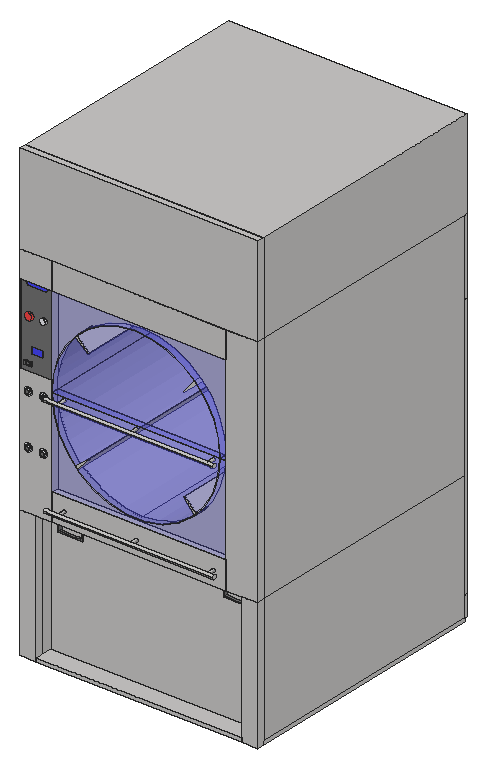
Revit family "QF_ELECTROLUXPROFESSIONAL_1LSPHS_TD6-60SLD_S", category Attrezzature speciali, Revit 2021
Family settings
  Quota connettore circolare = Usa diametro
  Tipo di parte = Normale
  Basato su piano di lavoro = No
  Sempre verticale = Sì
  Taglio con vuoti quando caricato = No
  Condiviso = No
  Punto di calcolo locali = No
Parameters (values of type "1LT60A")
  Weight in Pounds = 524
  Watts = 2.2 W
  Volts = 380 V
  URL = "https://www.electroluxprofessional.com"
  Steam Supply Size = 25 mm
  Steam Supply Minimum Pressure = 100.0 Pa
  Steam Supply Maximum Pressure = 1000.0 Pa
  Steam Pounds per Hour = 0
  Prospetto di default = 0 mm
  Produttore = "Electrolux Professional"
  Phase = 3
  Model = ""
  Length Actual = 1314 mm
  Item Number = "9875130009"
  Hot Water Size = 0 mm
  Height Actual = 2465 mm
  Gas Size = 0 mm
  Gas KW = 0
  Direct Waste Size = 0 mm
  Description = "TUMBLE DRYER DRUM VOLUME 1200L CAPACITY 60KG/132LB SLIDING DOOR "
  Depth Actual = 1490 mm
  Cycle = 50 Hz
  Condensate Return Size = 25 mm
  Compressed Air Volume = 0.0 L/s
  Compressed Air Size = 0 mm
  Compressed Air Pressure = 0.0 Pa
  Cold Water Size = 0 mm
  ALL_MODEL_IMAGE = 0
Types (3, lengths in mm): name | Item Number
  (no name) | "9875130009"
  1L82BL | "9875130016"
  1LT60A | "9875130009"
Reference planes
  plane 1 "Center (Front/Back)": y = 0
  plane 2: z = 0
  plane 3 "Center (Left/Right)": x = 0
  plane 4 "LEFT": x = -645
  plane 5 "RIGHT": x = 675
  plane 6 "BACK": y = 607.5
  plane 7 "FRONT": y = -887.5
  plane 8 "voidPanel": through (0, -279.09, 846.678) normal (0, -0.9308, 0.3656)
  plane 9 "TOP": z = 2550
  plane 10: z = 2050
  plane 11: z = 930
  plane 12 "GasZ": z = 2130
  plane 13 "EI_Z": z = 1670
  plane 14 "SteamReturn_Z": z = 2130
  plane 15 "SteamInletZ": z = 2425
  plane 16: z = 750
  plane 17 "Maniglia": z = 825
  plane 18: x = 510
  plane 19 "STEAM_x": x = 145
  plane 20 "GAS_x": x = 15
  plane 21 "Button1": x = -600
  plane 22 "Button2": x = -515
  plane 23 "AIR_z": z = 330
  plane 24: z = 2680
  plane 25: y = -1142.5
Forms (mm)
  Revolve 1, solid, material "Glass"
    sketch origin (0, -25, 1395) x (-1, 0, 0) y (0, -1, 0)
      loop
        line (271.034, -452.879) -> (240.785, -467.184)
        arc (240.785, -467.184) -> (232.42, -469.524) -> (223.77, -470.313) r 47.824
        line (223.77, -470.313) -> (0, -470.313) -> (0, -472.313) -> (223.77, -472.313)
        arc (223.77, -472.313) -> (232.82, -471.484) -> (241.57, -469.025) r 49.824
        line (241.57, -469.025) -> (271.889, -454.687)
        arc (271.889, -454.687) -> (278.705, -450.474) -> (284.416, -444.854) r 35.892
        line (284.416, -444.854) -> (447.003, -444.854)
        arc (447.003, -444.854) -> (463.264, -438.119) -> (470, -421.858) r 22.997
        line (470, -421.858) -> (470, 862.5) -> (465, 862.5) -> (465, -421.858)
        arc (465, -421.858) -> (459.729, -434.583) -> (447.003, -439.854) r 17.997
        line (447.003, -439.854) -> (285.5, -439.854)
        arc (285.5, -439.854) -> (279.222, -447.428) -> (271.034, -452.879) r 33.892
      axis (0, -472.313) -> (0, 862.5)
    angle from 0 to 360
  Extrusion 2, solid, material "QF_Finishes_Rubber Black"
    sketch origin (25, 0, 0) x (1, 0, 0) y (0, 1, 0)
      loop
        circle (-610, 510.1) r 20
    from 0 to 10
  Extrusion 3, solid, material "QF_Finishes_Stainless Steel"
    sketch origin (25, 0, 0) x (1, 0, 0) y (0, 1, 0)
      loop
        circle (-610, 510.1) r 11
    from 10 to 25
  Extrusion 4, solid, material "QF_Finishes_Rubber Black"
    sketch origin (25, 0, 0) x (1, 0, 0) y (0, 1, 0)
      loop
        circle (-610, -786.3) r 20
    from 0 to 10
  Extrusion 5, solid, material "QF_Finishes_Stainless Steel"
    sketch origin (25, 0, 0) x (1, 0, 0) y (0, 1, 0)
      loop
        circle (-610, -786.3) r 11
    from 10 to 25
  Extrusion 6, solid, material "QF_Finishes_Rubber Black"
    sketch origin (-25, 0, 0) x (-1, 0, 0) y (0, -1, 0)
      loop
        circle (-640, -510.1) r 20
    from 0 to 10
  Extrusion 7, solid, material "QF_Finishes_Stainless Steel"
    sketch origin (-25, 0, 0) x (-1, 0, 0) y (0, -1, 0)
      loop
        circle (-640, -510.1) r 11
    from 10 to 25
  Extrusion 8, solid, material "QF_Finishes_Rubber Black"
    sketch origin (-25, 0, 0) x (-1, 0, 0) y (0, -1, 0)
      loop
        circle (-640, 786.3) r 20
    from 0 to 10
  Extrusion 9, solid, material "QF_Finishes_Stainless Steel"
    sketch origin (-25, 0, 0) x (-1, 0, 0) y (0, -1, 0)
      loop
        circle (-640, 786.3) r 11
    from 10 to 25
  Extrusion 10, solid, material "QF_Finishes_Stainless Steel"
    sketch origin (0, 607.5, 0) x (0, 0, 1) y (-1, 0, 0)
      loop
        circle (1670, -510) r 5
    from 35 to 45
  Extrusion 11, solid, material "QF_Finishes_Dark Grey"
    sketch origin (0, -887.5, 0) x (0, 0, 1) y (-1, 0, 0)
      loop
        line (1900, 472) -> (1900, 486.361) -> (1885, 501.361) -> (1885, 601.361) -> (1900, 616.361) -> (1900, 643) -> (1455, 643) -> (1455, 472) -> (1900, 472)
      loop
        line (1547.246, 521.361) -> (1582.246, 521.361) -> (1582.246, 581.361) -> (1547.246, 581.361) -> (1547.246, 521.361)
    from 0 to -40
  Extrusion 12, solid, material "QF_Finishes_Stainless Steel"
    sketch origin (0, -887.5, 0) x (0, 0, 1) y (-1, 0, 0)
      loop
        line (2050, -675) -> (2050, 645) -> (750, 645) -> (750, -675) -> (2050, -675)
      loop
        circle (1395, 0) r 470
    from -1438 to -40
  Extrusion 13, solid, material "QF_Finishes_Stainless Steel"
    sketch origin (0, -887.5, 0) x (0, 0, 1) y (-1, 0, 0)
      loop
        line (2550, 645) -> (2050, 645) -> (2050, -675) -> (2550, -675) -> (2550, 645)
    from 0 to -40
  Extrusion 14, solid, material "QF_Finishes_Stainless Steel"
    sketch origin (0, -887.5, 0) x (0, 0, 1) y (-1, 0, 0)
      loop
        line (2550, 645) -> (2050, 645) -> (2050, -675) -> (2550, -675) -> (2550, 645)
    from -40 to -1450
  Extrusion 15, solid, material "QF_Finishes_Stainless Steel"
    sketch origin (0, 0, 0) x (0, 1, 0) y (0, 0, 1)
      loop
        circle (-932.5, 825) r 10
    from -470 to 470
  Extrusion 16, solid, material "QF_Finishes_Stainless Steel"
    sketch origin (0, -887.5, 0) x (0, 0, 1) y (-1, 0, 0)
      loop
        circle (825, 0) r 7.495
      loop
        circle (825, 400) r 7.495
      loop
        circle (825, -430) r 7.495
    from 0 to 45.288
  Extrusion 17, solid, material "QF_Finishes_Stainless Steel"
    sketch origin (0, 0, 0) x (1, 0, 0) y (0, 1, 0)
      loop
        line (-645, 550.5) -> (-645, -847.5) -> (675, -847.5) -> (675, 550.5) -> (-645, 550.5)
    from 45 to 25
  Extrusion 18, solid, material "QF_Finishes_Stainless Steel"
    sketch origin (0, -887.5, -1800) x (0, 0, 1) y (-1, 0, 0)
      loop
        line (2550, 645) -> (1825, 645) -> (1825, 557.5) -> (2550, 557.5) -> (2550, 645)
      loop
        line (2550, -675) -> (2550, -587.5) -> (1825, -587.5) -> (1825, -675) -> (2550, -675)
    from 0 to -40
  Extrusion 19, solid, material "QF_Finishes_Stainless Steel"
    sketch origin (0, -887.5, -1800) x (0, 0, 1) y (-1, 0, 0)
      loop
        line (2550, 645) -> (1845, 645) -> (1845, -675) -> (2550, -675) -> (2550, 645)
    from -40 to -1438
  Extrusion 20, solid, material "QF_Finishes_Stainless Steel"
    sketch origin (0, 607.5, 0) x (0, 0, 1) y (-1, 0, 0)
      loop
        line (1630, 645) -> (159, 645) -> (159, -675) -> (1630, -675) -> (1630, 645)
      loop
        circle (330, 415) r 165.732
    from 45 to 57
  Extrusion 21, solid, material "QF_Finishes_Stainless Steel"
    sketch origin (0, 607.5, 85) x (0, 0, 1) y (-1, 0, 0)
      loop
        circle (245, 415) r 157.5
    from 27 to 57
  Extrusion 22, solid, material "QF_Finishes_Stainless Steel"
    sketch origin (0, 607.5, 0) x (0, 0, 1) y (-1, 0, 0)
      loop
        line (2050, -675) -> (2050, 645) -> (1630, 645) -> (1630, -335) -> (1710, -335) -> (1710, -635) -> (1630, -635) -> (1630, -675) -> (2050, -675)
    from 45 to 57
  Extrusion 23, solid, material "QF_Finishes_Stainless Steel"
    sketch origin (0, 607.5, 0) x (0, 0, 1) y (-1, 0, 0)
      loop
        circle (1395, 0) r 602.448
    from 82 to 57
  Extrusion 24, solid, material "QF_Finishes_Stainless Steel"
    sketch origin (0, 607.5, 0) x (0, 0, 1) y (-1, 0, 0)
      loop
        line (1811, -415) -> (1731, -415) -> (1731, -495) -> (1811, -495) -> (1811, -415)
    from 35 to 45
  Extrusion 25, solid, material "QF_Finishes_Stainless Steel"
    sketch origin (0, 607.5, 0) x (0, 0, 1) y (-1, 0, 0)
      loop
        circle (1771, -455) r 40
    from 15 to 35
  Extrusion 26, solid, material "QF_Finishes_Stainless Steel"
    sketch origin (0, 607.5, 0) x (0, 0, 1) y (-1, 0, 0)
      loop
        line (1806, -450) -> (1736.952, -450) -> (1736.952, -460) -> (1806, -460) -> (1806, -450)
    from 0 to 15
  Extrusion 27, solid, material "QF_Finishes_Stainless Steel"
    sketch origin (0, 607.5, 0) x (0, 0, 1) y (-1, 0, 0)
      loop
        circle (2425, -145) r 16.625
    from 35 to 45
  Extrusion 28, solid, material "QF_Finishes_Stainless Steel"
    sketch origin (0, 607.5, 0) x (0, 0, 1) y (-1, 0, 0)
      loop
        circle (2130, -145) r 16.625
    from 35 to 45
  Extrusion 29, solid, material "QF_Finishes_Blue"
    sketch origin (0, -887.5, -55) x (0, 0, 1) y (-1, 0, 0)
      loop
        line (1955, 616.361) -> (1940, 601.361) -> (1940, 501.361) -> (1955, 486.361) -> (1955, 616.361)
    from 0 to -40
  Extrusion 30, solid, material "QF_Finishes_Red"
    sketch origin (10, -887.5, -245) x (0, 0, 1) y (-1, 0, 0)
      loop
        circle (1980, 601.361) r 20
    from 10 to 0
  Extrusion 31, solid, material "QF_Finishes_White"
    sketch origin (-1112.721, -887.5, -245) x (0, 0, 1) y (-1, 0, 0)
      loop
        circle (1980, -601.361) r 15
    from 10 to 0
  Extrusion 32, solid, material "QF_Finishes_Blue"
    sketch origin (0, -887.5, -325) x (0, 0, 1) y (-1, 0, 0)
      loop
        line (1907.246, 581.361) -> (1872.246, 581.361) -> (1872.246, 521.361) -> (1907.246, 521.361) -> (1907.246, 581.361)
    from 0 to -40
  Extrusion 33, solid, material "QF_Finishes_Dark Grey"
    sketch origin (0, -887.5, -325) x (0, 0, 1) y (-1, 0, 0)
      loop
        line (1830.636, 611.24) -> (1814.636, 611.24) -> (1814.636, 587.24) -> (1830.636, 587.24) -> (1830.636, 611.24)
      loop
        line (1812.636, 619.24) -> (1812.636, 579.24) -> (1832.636, 579.24) -> (1832.636, 619.24) -> (1812.636, 619.24)
    from 5 to 0
  Extrusion 34, solid, material "QF_Finishes_Dark Grey"
    sketch origin (0, -887.5, -325) x (0, 0, 1) y (-1, 0, 0)
      loop
        line (1815.636, 588.24) -> (1829.636, 588.24) -> (1829.636, 607.24) -> (1815.636, 607.24) -> (1815.636, 588.24)
    from 5 to 0
  Extrusion 35, solid, material "QF_Finishes_Stainless Steel"
    sketch origin (0, -887.5, 0) x (0, 0, 1) y (-1, 0, 0)
      loop
        line (750, 470) -> (2050, 470) -> (2050, 645) -> (750, 645) -> (750, 470)
      loop
        line (1455, 472) -> (1900, 472) -> (1900, 643) -> (1455, 643) -> (1455, 472)
    from 0 to -40
  Extrusion 36, solid, material "Glass"
    sketch origin (-2.279, -887.5, 0) x (0, 0, 1) y (-1, 0, 0)
      loop
        line (1900, 467.721) -> (1395, 467.721) -> (1395, -502.279) -> (1900, -502.279) -> (1900, 467.721)
    from 0 to -40
  Extrusion 37, solid, material "Glass"
    sketch origin (0, -887.5, 0) x (0, 0, 1) y (-1, 0, 0)
      loop
        line (1395, 470) -> (900, 470) -> (900, -500) -> (1395, -500) -> (1395, 470)
    from 0 to -40
  Extrusion 38, solid, material "QF_Finishes_Stainless Steel"
    sketch origin (0, -887.5, 2630) x (0, 0, -1) y (1, 0, 0)
      loop
        line (730, -470) -> (730, 500) -> (580, 500) -> (580, -470) -> (730, -470)
    from 0 to -40
  Extrusion 39, solid, material "QF_Finishes_Stainless Steel"
    sketch origin (0, -887.5, 0) x (0, 0, 1) y (-1, 0, 0)
      loop
        line (750, -500) -> (750, -675) -> (2050, -675) -> (2050, -500) -> (750, -500)
    from -40 to 0
  Extrusion 40, solid, material "QF_Finishes_Stainless Steel"
    sketch origin (0, -887.5, 0) x (0, 0, 1) y (-1, 0, 0)
      loop
        line (900, 470) -> (750, 470) -> (750, -500) -> (900, -500) -> (900, 470)
    from 0 to -40
  Extrusion 41, solid, material "QF_Finishes_Stainless Steel"
    sketch origin (0, -887.5, 0) x (0, 0, 1) y (-1, 0, 0)
      loop
        line (1060.314, 324.828) -> (1131.765, 266.289)
        arc (1131.765, 266.289) -> (1132.937, 266.347) -> (1132.995, 267.518) r 0.873
        line (1132.995, 267.518) -> (1074.442, 338.778)
        arc (1074.442, 338.778) -> (1067.303, 331.878) -> (1060.314, 324.828) r 466.399
      loop
        arc (1060.314, -324.828) -> (1067.303, -331.878) -> (1074.442, -338.778) r 466.399
        line (1074.442, -338.778) -> (1132.995, -267.518)
        arc (1132.995, -267.518) -> (1132.937, -266.347) -> (1131.765, -266.289) r 0.873
        line (1131.765, -266.289) -> (1060.314, -324.828)
      loop
        arc (1729.686, 324.828) -> (1722.697, 331.878) -> (1715.558, 338.778) r 466.399
        line (1715.558, 338.778) -> (1657.005, 267.518)
        arc (1657.005, 267.518) -> (1657.063, 266.347) -> (1658.235, 266.289) r 0.873
        line (1658.235, 266.289) -> (1729.686, 324.828)
      loop
        line (1729.686, -324.828) -> (1658.235, -266.289)
        arc (1658.235, -266.289) -> (1657.063, -266.347) -> (1657.005, -267.518) r 0.873
        line (1657.005, -267.518) -> (1715.558, -338.778)
        arc (1715.558, -338.778) -> (1722.697, -331.878) -> (1729.686, -324.828) r 466.399
    from 0 to -1245.3
  Extrusion 42, solid, material "QF_Finishes_White"
    sketch origin (0, -887.5, 0) x (0, 0, 1) y (-1, 0, 0)
      loop
        circle (1356.391, 600) r 20
      loop
        circle (1356.391, 515) r 20
      loop
        circle (1076.391, 600) r 20
      loop
        circle (1076.391, 515) r 20
    from 0 to 1.6
  Extrusion 43, solid, material "QF_Finishes_White"
    sketch origin (0, -887.5, 0) x (0, 0, 1) y (-1, 0, 0)
      loop
        circle (1356.391, 600) r 14
      loop
        circle (1356.391, 600) r 12.986
      loop
        circle (1356.391, 515) r 9
      loop
        circle (1356.391, 515) r 8
      loop
        circle (1076.391, 600) r 14
      loop
        circle (1076.391, 600) r 12.986
      loop
        circle (1076.391, 515) r 14
      loop
        circle (1076.391, 515) r 12.986
    from 1.6 to 10
  Extrusion 44, solid, material "QF_Finishes_Dark Grey"
    sketch origin (0, -887.5, 0) x (0, 0, 1) y (-1, 0, 0)
      loop
        circle (1356.391, 515) r 8
      loop
        circle (1356.391, 600) r 12.986
      loop
        circle (1076.391, 515) r 12.986
      loop
        circle (1076.391, 600) r 12.986
    from 1.6 to 10
  Extrusion 45, solid, material "QF_Finishes_Stainless Steel"
    sketch origin (0, 0, 570) x (0, 1, 0) y (0, 0, 1)
      loop
        circle (-932.5, 808) r 10
    from -470 to 470
  Extrusion 46, solid, material "QF_Finishes_Stainless Steel"
    sketch origin (0, -887.5, 570) x (0, 0, 1) y (-1, 0, 0)
      loop
        circle (808, 0) r 7.495
      loop
        circle (808, 400) r 7.495
      loop
        circle (808, -430) r 7.495
    from 0 to 45.288
  Extrusion 47, void
    sketch origin (0, -887.5, 0) x (0, 0, 1) y (-1, 0, 0)
      loop
        line (750, 557.5) -> (45, 557.5) -> (45, -587.5) -> (750, -587.5) -> (750, 557.5)
    from 0 to -100
  Extrusion 48, solid, material "QF_Finishes_Stainless Steel"
    sketch origin (0, -887.5, 0) x (0, 0, 1) y (-1, 0, 0)
      loop
        line (45, 557.5) -> (25, 557.5) -> (25, -587.5) -> (45, -587.5) -> (45, 557.5)
    from 0 to -40
  Extrusion 49, void
    sketch origin (0, -887.5, 0) x (0, 0, 1) y (-1, 0, 0)
      loop
        line (699.085, 515) -> (639.085, 515) -> (639.085, 375) -> (699.085, 375) -> (699.085, 515)
      loop
        line (699.085, -545) -> (699.085, -405) -> (639.085, -405) -> (639.085, -545) -> (699.085, -545)
    from -118.33 to -100
  Extrusion 50, solid, material "QF_Finishes_Dark Grey"
    sketch origin (0, -887.5, 0) x (0, 0, 1) y (-1, 0, 0)
      loop
        line (699.085, 515) -> (639.085, 515) -> (639.085, 375) -> (699.085, 375) -> (699.085, 515)
      loop
        line (694.085, 380) -> (694.085, 510) -> (649.085, 510)
        arc (649.085, 510) -> (642.609, 445) -> (649.085, 380) r 329.475
        line (649.085, 380) -> (694.085, 380)
      loop
        line (699.085, -545) -> (699.085, -405) -> (639.085, -405) -> (639.085, -545) -> (699.085, -545)
      loop
        line (694.085, -410) -> (649.085, -410)
        arc (649.085, -410) -> (642.609, -475) -> (649.085, -540) r 329.475
        line (649.085, -540) -> (694.085, -540) -> (694.085, -410)
    from -118.33 to -100
  Extrusion 51, solid, material "QF_Finishes_Stainless Steel"
    sketch origin (0, 607.5, -840) x (0, 0, 1) y (-1, 0, 0)
      loop
        line (999, 645) -> (885, 645) -> (885, -675) -> (999, -675) -> (999, 645)
    from 45 to 57
  Extrusion 52, solid, material "QF_Clearances", detail levels coarse
    sketch origin (0, 0, 0) x (0, 1, 0) y (0, 0, 1)
      loop
        line (-887.5, -49.257) -> (-887.5, 2550) -> (325.443, 2550) -> (312.689, 2680) -> (-1141.264, 2537.358) -> (-887.5, -49.257)
    from -645 to 675
Cuts and joins
  joined: Extrusion 15, Extrusion 16
  joined: Extrusion 12, Extrusion 23
  Extrusion 47, Extrusion 49 cuts Extrusion 19
  joined: Extrusion 17, Extrusion 48
Lines and regions (mm)
  symbolic lines
    curve 1: line (-645, 562.5, 744.475) -> (675, 562.5, 744.475)
    curve 2: line (-645, -847.5, 744.475) -> (-645, 562.5, 744.475)
    curve 3: line (675, -847.5, 744.475) -> (-645, -847.5, 744.475)
    curve 4: line (675, 562.5, 744.475) -> (675, -847.5, 744.475)
    curve 5: line (-645, -847.5, 744.475) -> (-645, -887.5, 744.475)
    curve 6: line (-645, -887.5, 744.475) -> (675, -887.5, 744.475)
    curve 7: line (675, -887.5, 744.475) -> (675, -847.5, 744.475)
    curve 8: line (-635, -887.5, 744.475) -> (-635, -889.5, 744.475)
    curve 9: line (-635, -889.5, 744.475) -> (-486.361, -889.5, 744.475)
    curve 10: line (-486.361, -889.5, 744.475) -> (-486.361, -887.5, 744.475)
    curve 11: line (-619.24, -889.5, 744.475) -> (-619.24, -897.5, 744.475)
    curve 12: line (-619.24, -897.5, 744.475) -> (-496.361, -897.5, 744.475)
    curve 13: line (-496.361, -897.5, 744.475) -> (-496.361, -889.5, 744.475)
    curve 14: line (-470, -922.5, 744.475) -> (-470, -942.5, 744.475)
    curve 15: line (-470, -942.5, 744.475) -> (470, -942.5, 744.475)
    curve 16: line (470, -942.5, 744.475) -> (470, -922.5, 744.475)
    curve 17: line (470, -922.5, 744.475) -> (437.495, -922.5, 744.475)
    curve 18: line (437.495, -922.5, 744.475) -> (437.495, -887.5, 744.475)
    curve 19: line (422.505, -922.5, 744.475) -> (422.505, -887.5, 744.475)
    curve 20: line (422.505, -922.5, 744.475) -> (-392.505, -922.5, 744.475)
    curve 21: arc (437.495, -922.5, 744.475) -> (430, -925.88, 744.475) -> (422.505, -922.5, 744.475) r 10
    curve 28: line (7.495, -922.5, 744.475) -> (7.495, -887.5, 744.475)
    curve 29: line (-7.495, -922.5, 744.475) -> (-7.495, -887.5, 744.475)
    curve 30: arc (7.495, -922.5, 744.475) -> (0, -925.88, 744.475) -> (-7.495, -922.5, 744.475) r 10
    curve 31: line (-392.505, -922.5, 744.475) -> (-392.505, -887.5, 744.475)
    curve 32: line (-407.495, -922.5, 744.475) -> (-407.495, -887.5, 744.475)
    curve 33: arc (-392.505, -922.5, 744.475) -> (-400, -925.88, 744.475) -> (-407.495, -922.5, 744.475) r 10
  symbolic lines, style "SpecialityEquipmentHiddenLines"
    curve 22: line (495, 562.5, 744.475) -> (495, 592.5, 744.475)
    curve 23: line (495, 592.5, 744.475) -> (415, 592.5, 744.475)
    curve 24: line (415, 592.5, 744.475) -> (415, 562.5, 744.475)
    curve 25: line (450, 592.5, 744.475) -> (450, 607.5, 744.475)
    curve 26: line (450, 607.5, 744.475) -> (460, 607.5, 744.475)
    curve 27: line (460, 607.5, 744.475) -> (460, 592.5, 744.475)
    curve 34: line (-407.495, -922.5, 744.475) -> (-470, -922.5, 744.475)
  symbolic lines, style "QF_Clearances"
    curve 35: line (-645, -887.5, 744.475) -> (-645, -1141.264, 744.475)
    curve 36: line (-645, -1141.264, 744.475) -> (675, -1141.264, 744.475)
    curve 37: line (675, -1141.264, 744.475) -> (675, -887.5, 744.475)
Dimensions and locks
  plane 7 "FRONT" to plane 6 "BACK" = 1495 mm
  plane 4 "LEFT" to plane 5 "RIGHT" = 1320 mm
  plane 9 "TOP" to level = 2550 mm
  plane 9 "TOP" to plane 10 = 500 mm
  plane 11 to level = 930 mm
  plane 12 "GasZ" to level = 2130 mm
  plane 13 "EI_Z" to level = 1670 mm
  plane 14 "SteamReturn_Z" to level = 2130 mm
  plane 15 "SteamInletZ" to level = 2425 mm
  locked: plane 10 to plane 16 at 1300
  plane 17 "Maniglia" to level = 825 mm
  plane 5 "RIGHT" to plane 18 = 165 mm
  plane 5 "RIGHT" to plane 19 "STEAM_x" = 530 mm
  plane 5 "RIGHT" to plane 20 "GAS_x" = 660 mm
  level to plane 23 "AIR_z" = 330 mm
  plane 24 to level = 2680 mm
  plane 25 to plane 6 "BACK" = 1750 mm
  aligned and locked: level to plane 2
Connectors
  electrical at (510, 572.5, 1670)
    settings: on Extrusion 10, index 6, voltage 0 V, apparent load 0 VA, apparent load phase1 0 VA, apparent load phase2 0 VA, apparent load phase3 0 VA, power factor 1, load classification "Other", number of poles 1, system type 30, power factor state 1, is connector primary yes, connector utility no, sub classification motor no, connector description "Electrical Connection"
  hvac at (-415, 580.5, 330)
    settings: on Extrusion 21, index 9, duct flow 0.0 L/s, flow factor 0, pres drop 0.0 Pa, loss coef 0, conn angle 0.00°, conn width 304.8 mm, conn height 304.8 mm, conn diameter 315 mm, duct sys type 3, conn prof type 0, flow config 1, flow direction 2, loss method 0, conn ref index -1, conn util no, is conn primary yes, conn desc "Exhaust Air Outlet"
  piping at (145, 572.5, 2425), diameter 33.3
    settings: on Extrusion 27, index 11, connector inside diameter 609.6 mm, connector length 0 mm, flow factor 0, pipe flow 0.0 L/s, pressure drop 0.0 Pa, fitting loss kfactor 0, connector angle 0.00°, fixture units 0, engagement length 0 mm, angle of deflection 0.00°, flow configuration 1, flow direction 1, fitting loss method 0, system type 7, joint type 0, gender type 0, connector reference index -1, connector utility 0, adjustable connector no, is connector primary yes, connector description "STEAM Inlet"
  piping at (145, 572.5, 2130), diameter 33.3
    settings: on Extrusion 28, index 12, connector inside diameter 609.6 mm, connector length 0 mm, flow factor 0, pipe flow 0.0 L/s, pressure drop 0.0 Pa, fitting loss kfactor 0, connector angle 0.00°, fixture units 0, engagement length 0 mm, angle of deflection 0.00°, flow configuration 1, flow direction 2, fitting loss method 0, system type 8, joint type 0, gender type 0, connector reference index -1, connector utility 0, adjustable connector no, is connector primary no, connector description "CONDENSATE CONNECTION"
